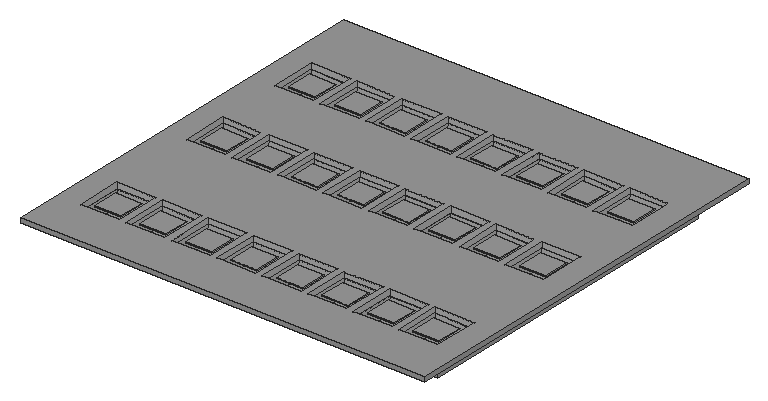
Revit family "2023873", category Lighting Fixtures, host Face, Revit 2018
Family settings
  Host = Face
  Round Connector Dimension = Use Diameter
  Part Type = Normal
  OmniClass Number = 23.80.70.00
  OmniClass Title = Lighting
  Cut with Voids When Loaded = No
  Light Source = Yes
  Shared = No
  Room Calculation Point = No
Parameters (values of type "2023873 OPTIX R 625 3L LUMI HCL TW ALU DA")
  Weight = "n/a"
  Wattage Comments = ""
  Wattage = 9.2903 W
  WarrantyStartDate [instance] = "n/a"
  WarrantyGuarantorParts = "n/a"
  WarrantyDurationUnit = "n/a"
  WarrantyDurationParts = ""
  WarrantyDescription = "http://www.sylvania-lighting.com"
  built-in parameter 1150110 = 1 (stored number, unit not read)
  Voltage = 0 V
  URL = "1"
  TypeName = "OPTIX RECESSED 625 3L LUMI HCL TW ALU DALI"
  Type Image = <None>
  Type Comments = "n/a"
  built-in parameter 1114217 = 1 (stored number, unit not read)
  Tilt Angle = -90.00°
  built-in parameter 1150109 = 1 (stored number, unit not read)
  built-in parameter 1150134 = 3
  built-in parameter 1150113 = 1 (stored number, unit not read)
  SerialNumber [instance] = "n/a"
  Photometric Web File = "2023873.ies"
  Material_3_SYL = none
  PowerFactor = 0
  PowerConsumption = "Lighting"
  NominalLength = 621 mm
  NominalHeight = 38 mm
  NominalDepth = 620 mm
  Name = "OPTIX RECESSED 625 3L LUMI HCL TW ALU DALI"
  ModelReference = Name  # "OPTIX RECESSED 625 3L LUMI HCL TW ALU DALI"
  ModelNumber = "2023873"
  Model = Name  # "OPTIX RECESSED 625 3L LUMI HCL TW ALU DALI"
  Material = "Feilo Sylvania"
  ManufacturerName = "95 lm/W"
  Manufacturer = ""
  LuminousEfficacy = ""
  built-in parameter 1150105 = 109.82 (stored number, unit not read)
  Lumens = 1380 lm
  LuminaireType = "0"
  built-in parameter 1150115 = 1 (stored number, unit not read)
  LightOutputRatio = "LED"
  built-in parameter 1150137 = (empty or 0)
  built-in parameter 1150139 = (empty or 0)
  LampsType = Lamp  # "n/a"
  LampNominalLuminous = "4000 K"
  LampMacAdamStep = "96"
  LampColourTemperature = "LED"
  LampColourRenderingIndex = "16500"
  built-in parameter 1150112 = 1 (stored number, unit not read)
  built-in parameter 1150114 = 1 (stored number, unit not read)
  Lamp = "n/a"
  Keynote = "n/a"
  InstallationDate [instance] = "n/a"
  InputVoltage = "0"
  InputNominalFrequency = "4000"
  built-in parameter 1150132 = (empty or 0)
  built-in parameter 1150102 = (empty or 0)
  built-in parameter 1150107 = 3200 (stored number, unit not read)
  built-in parameter 1150138 = (empty or 0)
  IngressProtection = "IfcLightFixtureType"
  ImpactProtectionIndex = "IfcLightFixtureType"
  built-in parameter 1150106 = 1.0982 (stored number, unit not read)
  IfcExportType = "IfcLightFixtureType"
  IfcExportAs = "Class I"
  Emit from Circle Diameter = 609.6 mm
  Emit Shape Visible in Rendering = no
  ElectricShockClassification = "95"
  built-in parameter 1150104 = 13.8 (stored number, unit not read)
  DocumentationLiterature = "http://www.sylvania-lighting.com/product/en-int/products/2023873"
  DimmingControlOptions = "n/a"
  Material_2_SYL = none
  Dimming Lamp Color Temperature Shift = <None>
  Description = "OPTIX RECESSED 625 3L LUMI HCL TW ALU DALI is a ceiling recessed luminaire for office and education applications with Aluminised plastic extra low glare optics and RAL9016 colour fixture body. DALI DT8 controlled tunable white light engine. 2700-6200K Tunable White LED, chromaticity tolerance of 3-step MacAdam ellipse. For 2700K - Colour rendering index Ra >98; Melanopic Ratio MEER: 0.528; Fidelity Index Rᶠ: 97; Gamut Index Rᶢ: 101. For 4000K - Colour rendering index Ra >96; Melanopic Ratio MEER: 0.822; Fidelity Index Rᶠ: 95; Gamut Index Rᶢ: 101. For 6200K - Colour rendering index Ra >99; Melanopic Ratio MEER: 1.077; Fidelity Index Rᶠ: 96; Gamut Index Rᶢ: 99. For 4000K luminous flux: 3500lm. Power consumption: 37W. Luminaire efficacy: 95lm/W. UGR<16 Luminance at 65°<200 Cd/m2, IK07, IP20. Photobiological safety risk group 0. Electrical protection Class I. Glow wire test 850°C. 68,000hrs L80B20 lifespan."
  Default Elevation = 1219.2 mm
  CreatedOn = "13/10/2022"
  CreatedBy = "@sylvania-lighting.com"
  Cost = 0
  Color Filter = 16777215
  built-in parameter 1114216 [instance] = (empty or 0)
  ClassificationValue = "EF_70_80"
  ClassificationName = "Uniclass2015"
  Material_1_SYL = none
  BarCode [instance] = "n/a"
  built-in parameter 1114218 = 1 (stored number, unit not read)
  built-in parameter 1150133 = 10 (stored number, unit not read)
  AssetType = "Fixed"
  AssetIdentifier [instance] = "n/a"
  Assembly Code = "D5020200"
  Apparent Load = 37 VA
  Material_4_SYL = none
Reference planes
  plane 1 "Center (Front/Back)": y = 0
  plane 2: z = 0
  plane 3 "Center (Left/Right)": x = 0
  plane 4: x = -310.5
  plane 5: x = 310.5
  plane 6: y = 310
  plane 7: y = -310
  plane 8: x = -281.5
  plane 9: x = 281.5
  plane 10: y = 250
  plane 11: y = -250
  plane 12: z = -32
  plane 13: z = 6
  plane 14: y = 204
  plane 15: y = -204
  plane 16: y = 134
  plane 17: y = -134
  plane 18: x = -280
  plane 19: x = 280
  plane 20: x = -275.2
  plane 21: x = -215.2
  plane 22: x = -205.4
  plane 23: x = -145.397
  plane 24: x = -135.597
  plane 25: x = -75.597
  plane 26: x = -65.797
  plane 27: x = -5.797
  plane 28: x = 4.003
  plane 29: x = 64.003
  plane 30: x = 73.803
  plane 31: x = 143.603
  plane 32: x = 133.803
  plane 33: x = 203.603
  plane 34: x = 213.403
  plane 35: x = 273.403
  plane 36: y = 149
  plane 37: y = 189
  plane 38: x = -225.2
  plane 39: x = -265.2
  plane 40: y = 169
  plane 41: y = 35
  plane 42: y = -35
  plane 43: x = -275.2
  plane 44: x = -215.2
  plane 45: x = -205.4
  plane 46: x = -145.397
  plane 47: x = -135.597
  plane 48: x = -75.597
  plane 49: x = -65.797
  plane 50: x = -5.797
  plane 51: x = 4.003
  plane 52: x = 64.003
  plane 53: x = 73.803
  plane 54: x = 143.603
  plane 55: x = 133.803
  plane 56: x = 203.603
  plane 57: x = 213.403
  plane 58: x = 273.403
  plane 59: y = -20
  plane 60: y = 20
  plane 61: x = -225.2
  plane 62: x = -265.2
  plane 63: y = 0
  plane 64: x = -275.2
  plane 65: x = -215.2
  plane 66: x = -205.4
  plane 67: x = -145.397
  plane 68: x = -135.597
  plane 69: x = -75.597
  plane 70: x = -65.797
  plane 71: x = -5.797
  plane 72: x = 4.003
  plane 73: x = 64.003
  plane 74: x = 73.803
  plane 75: x = 143.603
  plane 76: x = 133.803
  plane 77: x = 203.603
  plane 78: x = 213.403
  plane 79: x = 273.403
  plane 80: y = -224
  plane 81: y = -184
  plane 82: x = -225.2
  plane 83: x = -265.2
Forms (mm)
  Extrusion 1, solid, material "Aluminum", detail levels medium+fine
    sketch origin (0, 0, 0) x (1, 0, 0) y (0, 1, 0)
      loop
        line (-310.5, 310) -> (-310.5, -310) -> (310.5, -310) -> (310.5, 310) -> (-310.5, 310)
    from 0 to 6
  Extrusion 2, solid, material "Aluminum", detail levels medium+fine
    sketch origin (0, 0, 0) x (1, 0, 0) y (0, 1, 0)
      loop
        line (-281.5, 250) -> (-281.5, -250) -> (281.5, -250) -> (281.5, 250) -> (-281.5, 250)
    from 0 to -32
  Blend 3, void
    base sketch origin (0, 0, 0) x (1, 0, 0) y (0, 1, 0)
      loop
        line (-275.2, 204) -> (-275.2, 134) -> (-215.2, 134) -> (-215.2, 204) -> (-275.2, 204)
    top sketch origin (0, 0, 0) x (1, 0, 0) y (0, 1, 0)
      loop
        line (-265.2, 189) -> (-265.2, 149) -> (-225.2, 149) -> (-225.2, 189) -> (-265.2, 189)
    from 6 to -19
  Blend 4, void
    base sketch origin (69.8, 0, 0) x (1, 0, 0) y (0, 1, 0)
      loop
        line (-275.2, 204) -> (-275.2, 134) -> (-215.2, 134) -> (-215.2, 204) -> (-275.2, 204)
    top sketch origin (69.8, 0, 0) x (1, 0, 0) y (0, 1, 0)
      loop
        line (-265.2, 189) -> (-265.2, 149) -> (-225.2, 149) -> (-225.2, 189) -> (-265.2, 189)
    from 6 to -19
  Blend 5, void
    base sketch origin (139.603, 0, 0) x (1, 0, 0) y (0, 1, 0)
      loop
        line (-275.2, 204) -> (-275.2, 134) -> (-215.2, 134) -> (-215.2, 204) -> (-275.2, 204)
    top sketch origin (139.603, 0, 0) x (1, 0, 0) y (0, 1, 0)
      loop
        line (-265.2, 189) -> (-265.2, 149) -> (-225.2, 149) -> (-225.2, 189) -> (-265.2, 189)
    from 6 to -19
  Blend 6, void
    base sketch origin (209.403, 0, 0) x (1, 0, 0) y (0, 1, 0)
      loop
        line (-275.2, 204) -> (-275.2, 134) -> (-215.2, 134) -> (-215.2, 204) -> (-275.2, 204)
    top sketch origin (209.403, 0, 0) x (1, 0, 0) y (0, 1, 0)
      loop
        line (-265.2, 189) -> (-265.2, 149) -> (-225.2, 149) -> (-225.2, 189) -> (-265.2, 189)
    from 6 to -19
  Blend 7, void
    base sketch origin (279.203, 0, 0) x (1, 0, 0) y (0, 1, 0)
      loop
        line (-275.2, 204) -> (-275.2, 134) -> (-215.2, 134) -> (-215.2, 204) -> (-275.2, 204)
    top sketch origin (279.203, 0, 0) x (1, 0, 0) y (0, 1, 0)
      loop
        line (-265.2, 189) -> (-265.2, 149) -> (-225.2, 149) -> (-225.2, 189) -> (-265.2, 189)
    from 6 to -19
  Blend 8, void
    base sketch origin (349.003, 0, 0) x (1, 0, 0) y (0, 1, 0)
      loop
        line (-275.2, 204) -> (-275.2, 134) -> (-215.2, 134) -> (-215.2, 204) -> (-275.2, 204)
    top sketch origin (349.003, 0, 0) x (1, 0, 0) y (0, 1, 0)
      loop
        line (-265.2, 189) -> (-265.2, 149) -> (-225.2, 149) -> (-225.2, 189) -> (-265.2, 189)
    from 6 to -19
  Blend 9, void
    base sketch origin (418.803, 0, 0) x (1, 0, 0) y (0, 1, 0)
      loop
        line (-275.2, 204) -> (-275.2, 134) -> (-215.2, 134) -> (-215.2, 204) -> (-275.2, 204)
    top sketch origin (418.803, 0, 0) x (1, 0, 0) y (0, 1, 0)
      loop
        line (-265.2, 189) -> (-265.2, 149) -> (-225.2, 149) -> (-225.2, 189) -> (-265.2, 189)
    from 6 to -19
  Blend 10, void
    base sketch origin (488.603, 0, 0) x (1, 0, 0) y (0, 1, 0)
      loop
        line (-275.2, 204) -> (-275.2, 134) -> (-215.2, 134) -> (-215.2, 204) -> (-275.2, 204)
    top sketch origin (488.603, 0, 0) x (1, 0, 0) y (0, 1, 0)
      loop
        line (-265.2, 189) -> (-265.2, 149) -> (-225.2, 149) -> (-225.2, 189) -> (-265.2, 189)
    from 6 to -19
  Extrusion 11, solid, material "Glass, White, High Luminance", detail levels fine
    sketch origin (0, 0, 0) x (1, 0, 0) y (0, 1, 0)
      loop
        line (-265.2, 189) -> (-265.2, 149) -> (-225.2, 149) -> (-225.2, 189) -> (-265.2, 189)
    from 0 to 1
  Extrusion 12, solid, material "Glass, White, High Luminance", detail levels fine
    sketch origin (69.8, 0, 0) x (1, 0, 0) y (0, 1, 0)
      loop
        line (-265.2, 189) -> (-265.2, 149) -> (-225.2, 149) -> (-225.2, 189) -> (-265.2, 189)
    from 0 to 1
  Extrusion 13, solid, material "Glass, White, High Luminance", detail levels fine
    sketch origin (139.603, 0, 0) x (1, 0, 0) y (0, 1, 0)
      loop
        line (-265.2, 189) -> (-265.2, 149) -> (-225.2, 149) -> (-225.2, 189) -> (-265.2, 189)
    from 0 to 1
  Extrusion 14, solid, material "Glass, White, High Luminance", detail levels fine
    sketch origin (209.403, 0, 0) x (1, 0, 0) y (0, 1, 0)
      loop
        line (-265.2, 189) -> (-265.2, 149) -> (-225.2, 149) -> (-225.2, 189) -> (-265.2, 189)
    from 0 to 1
  Extrusion 15, solid, material "Glass, White, High Luminance", detail levels fine
    sketch origin (279.203, 0, 0) x (1, 0, 0) y (0, 1, 0)
      loop
        line (-265.2, 189) -> (-265.2, 149) -> (-225.2, 149) -> (-225.2, 189) -> (-265.2, 189)
    from 0 to 1
  Extrusion 16, solid, material "Glass, White, High Luminance", detail levels fine
    sketch origin (349.003, 0, 0) x (1, 0, 0) y (0, 1, 0)
      loop
        line (-265.2, 189) -> (-265.2, 149) -> (-225.2, 149) -> (-225.2, 189) -> (-265.2, 189)
    from 0 to 1
  Extrusion 17, solid, material "Glass, White, High Luminance", detail levels fine
    sketch origin (418.803, 0, 0) x (1, 0, 0) y (0, 1, 0)
      loop
        line (-265.2, 189) -> (-265.2, 149) -> (-225.2, 149) -> (-225.2, 189) -> (-265.2, 189)
    from 0 to 1
  Extrusion 18, solid, material "Glass, White, High Luminance", detail levels fine
    sketch origin (488.603, 0, 0) x (1, 0, 0) y (0, 1, 0)
      loop
        line (-265.2, 189) -> (-265.2, 149) -> (-225.2, 149) -> (-225.2, 189) -> (-265.2, 189)
    from 0 to 1
  Extrusion 19, solid, material "Glass, White, High Luminance", detail levels fine
    sketch origin (0, -169, 0) x (1, 0, 0) y (0, 1, 0)
      loop
        line (-265.2, 189) -> (-265.2, 149) -> (-225.2, 149) -> (-225.2, 189) -> (-265.2, 189)
    from 0 to 1
  Extrusion 20, solid, material "Glass, White, High Luminance", detail levels fine
    sketch origin (69.8, -169, 0) x (1, 0, 0) y (0, 1, 0)
      loop
        line (-265.2, 189) -> (-265.2, 149) -> (-225.2, 149) -> (-225.2, 189) -> (-265.2, 189)
    from 0 to 1
  Extrusion 21, solid, material "Glass, White, High Luminance", detail levels fine
    sketch origin (139.603, -169, 0) x (1, 0, 0) y (0, 1, 0)
      loop
        line (-265.2, 189) -> (-265.2, 149) -> (-225.2, 149) -> (-225.2, 189) -> (-265.2, 189)
    from 0 to 1
  Extrusion 22, solid, material "Glass, White, High Luminance", detail levels fine
    sketch origin (209.403, -169, 0) x (1, 0, 0) y (0, 1, 0)
      loop
        line (-265.2, 189) -> (-265.2, 149) -> (-225.2, 149) -> (-225.2, 189) -> (-265.2, 189)
    from 0 to 1
  Extrusion 23, solid, material "Glass, White, High Luminance", detail levels fine
    sketch origin (279.203, -169, 0) x (1, 0, 0) y (0, 1, 0)
      loop
        line (-265.2, 189) -> (-265.2, 149) -> (-225.2, 149) -> (-225.2, 189) -> (-265.2, 189)
    from 0 to 1
  Extrusion 24, solid, material "Glass, White, High Luminance", detail levels fine
    sketch origin (349.003, -169, 0) x (1, 0, 0) y (0, 1, 0)
      loop
        line (-265.2, 189) -> (-265.2, 149) -> (-225.2, 149) -> (-225.2, 189) -> (-265.2, 189)
    from 0 to 1
  Extrusion 25, solid, material "Glass, White, High Luminance", detail levels fine
    sketch origin (418.803, -169, 0) x (1, 0, 0) y (0, 1, 0)
      loop
        line (-265.2, 189) -> (-265.2, 149) -> (-225.2, 149) -> (-225.2, 189) -> (-265.2, 189)
    from 0 to 1
  Extrusion 26, solid, material "Glass, White, High Luminance", detail levels fine
    sketch origin (488.603, -169, 0) x (1, 0, 0) y (0, 1, 0)
      loop
        line (-265.2, 189) -> (-265.2, 149) -> (-225.2, 149) -> (-225.2, 189) -> (-265.2, 189)
    from 0 to 1
  Blend 27, void
    base sketch origin (0, -169, 0) x (1, 0, 0) y (0, 1, 0)
      loop
        line (-275.2, 204) -> (-275.2, 134) -> (-215.2, 134) -> (-215.2, 204) -> (-275.2, 204)
    top sketch origin (0, -169, 0) x (1, 0, 0) y (0, 1, 0)
      loop
        line (-265.2, 189) -> (-265.2, 149) -> (-225.2, 149) -> (-225.2, 189) -> (-265.2, 189)
    from 6 to -19
  Blend 28, void
    base sketch origin (69.8, -169, 0) x (1, 0, 0) y (0, 1, 0)
      loop
        line (-275.2, 204) -> (-275.2, 134) -> (-215.2, 134) -> (-215.2, 204) -> (-275.2, 204)
    top sketch origin (69.8, -169, 0) x (1, 0, 0) y (0, 1, 0)
      loop
        line (-265.2, 189) -> (-265.2, 149) -> (-225.2, 149) -> (-225.2, 189) -> (-265.2, 189)
    from 6 to -19
  Blend 29, void
    base sketch origin (139.603, -169, 0) x (1, 0, 0) y (0, 1, 0)
      loop
        line (-275.2, 204) -> (-275.2, 134) -> (-215.2, 134) -> (-215.2, 204) -> (-275.2, 204)
    top sketch origin (139.603, -169, 0) x (1, 0, 0) y (0, 1, 0)
      loop
        line (-265.2, 189) -> (-265.2, 149) -> (-225.2, 149) -> (-225.2, 189) -> (-265.2, 189)
    from 6 to -19
  Blend 30, void
    base sketch origin (209.403, -169, 0) x (1, 0, 0) y (0, 1, 0)
      loop
        line (-275.2, 204) -> (-275.2, 134) -> (-215.2, 134) -> (-215.2, 204) -> (-275.2, 204)
    top sketch origin (209.403, -169, 0) x (1, 0, 0) y (0, 1, 0)
      loop
        line (-265.2, 189) -> (-265.2, 149) -> (-225.2, 149) -> (-225.2, 189) -> (-265.2, 189)
    from 6 to -19
  Blend 31, void
    base sketch origin (279.203, -169, 0) x (1, 0, 0) y (0, 1, 0)
      loop
        line (-275.2, 204) -> (-275.2, 134) -> (-215.2, 134) -> (-215.2, 204) -> (-275.2, 204)
    top sketch origin (279.203, -169, 0) x (1, 0, 0) y (0, 1, 0)
      loop
        line (-265.2, 189) -> (-265.2, 149) -> (-225.2, 149) -> (-225.2, 189) -> (-265.2, 189)
    from 6 to -19
  Blend 32, void
    base sketch origin (349.003, -169, 0) x (1, 0, 0) y (0, 1, 0)
      loop
        line (-275.2, 204) -> (-275.2, 134) -> (-215.2, 134) -> (-215.2, 204) -> (-275.2, 204)
    top sketch origin (349.003, -169, 0) x (1, 0, 0) y (0, 1, 0)
      loop
        line (-265.2, 189) -> (-265.2, 149) -> (-225.2, 149) -> (-225.2, 189) -> (-265.2, 189)
    from 6 to -19
  Blend 33, void
    base sketch origin (418.803, -169, 0) x (1, 0, 0) y (0, 1, 0)
      loop
        line (-275.2, 204) -> (-275.2, 134) -> (-215.2, 134) -> (-215.2, 204) -> (-275.2, 204)
    top sketch origin (418.803, -169, 0) x (1, 0, 0) y (0, 1, 0)
      loop
        line (-265.2, 189) -> (-265.2, 149) -> (-225.2, 149) -> (-225.2, 189) -> (-265.2, 189)
    from 6 to -19
  Blend 34, void
    base sketch origin (488.603, -169, 0) x (1, 0, 0) y (0, 1, 0)
      loop
        line (-275.2, 204) -> (-275.2, 134) -> (-215.2, 134) -> (-215.2, 204) -> (-275.2, 204)
    top sketch origin (488.603, -169, 0) x (1, 0, 0) y (0, 1, 0)
      loop
        line (-265.2, 189) -> (-265.2, 149) -> (-225.2, 149) -> (-225.2, 189) -> (-265.2, 189)
    from 6 to -19
  Extrusion 35, solid, material "Glass, White, High Luminance", detail levels fine
    sketch origin (0, -373, 0) x (1, 0, 0) y (0, 1, 0)
      loop
        line (-265.2, 189) -> (-265.2, 149) -> (-225.2, 149) -> (-225.2, 189) -> (-265.2, 189)
    from 0 to 1
  Extrusion 36, solid, material "Glass, White, High Luminance", detail levels fine
    sketch origin (69.8, -373, 0) x (1, 0, 0) y (0, 1, 0)
      loop
        line (-265.2, 189) -> (-265.2, 149) -> (-225.2, 149) -> (-225.2, 189) -> (-265.2, 189)
    from 0 to 1
  Extrusion 37, solid, material "Glass, White, High Luminance", detail levels fine
    sketch origin (139.603, -373, 0) x (1, 0, 0) y (0, 1, 0)
      loop
        line (-265.2, 189) -> (-265.2, 149) -> (-225.2, 149) -> (-225.2, 189) -> (-265.2, 189)
    from 0 to 1
  Extrusion 38, solid, material "Glass, White, High Luminance", detail levels fine
    sketch origin (209.403, -373, 0) x (1, 0, 0) y (0, 1, 0)
      loop
        line (-265.2, 189) -> (-265.2, 149) -> (-225.2, 149) -> (-225.2, 189) -> (-265.2, 189)
    from 0 to 1
  Extrusion 39, solid, material "Glass, White, High Luminance", detail levels fine
    sketch origin (279.203, -373, 0) x (1, 0, 0) y (0, 1, 0)
      loop
        line (-265.2, 189) -> (-265.2, 149) -> (-225.2, 149) -> (-225.2, 189) -> (-265.2, 189)
    from 0 to 1
  Extrusion 40, solid, material "Glass, White, High Luminance", detail levels fine
    sketch origin (349.003, -373, 0) x (1, 0, 0) y (0, 1, 0)
      loop
        line (-265.2, 189) -> (-265.2, 149) -> (-225.2, 149) -> (-225.2, 189) -> (-265.2, 189)
    from 0 to 1
  Extrusion 41, solid, material "Glass, White, High Luminance", detail levels fine
    sketch origin (418.803, -373, 0) x (1, 0, 0) y (0, 1, 0)
      loop
        line (-265.2, 189) -> (-265.2, 149) -> (-225.2, 149) -> (-225.2, 189) -> (-265.2, 189)
    from 0 to 1
  Extrusion 42, solid, material "Glass, White, High Luminance", detail levels fine
    sketch origin (488.603, -373, 0) x (1, 0, 0) y (0, 1, 0)
      loop
        line (-265.2, 189) -> (-265.2, 149) -> (-225.2, 149) -> (-225.2, 189) -> (-265.2, 189)
    from 0 to 1
  Blend 43, void
    base sketch origin (0, -373, 0) x (1, 0, 0) y (0, 1, 0)
      loop
        line (-275.2, 204) -> (-275.2, 134) -> (-215.2, 134) -> (-215.2, 204) -> (-275.2, 204)
    top sketch origin (0, -373, 0) x (1, 0, 0) y (0, 1, 0)
      loop
        line (-265.2, 189) -> (-265.2, 149) -> (-225.2, 149) -> (-225.2, 189) -> (-265.2, 189)
    from 6 to -19
  Blend 44, void
    base sketch origin (69.8, -373, 0) x (1, 0, 0) y (0, 1, 0)
      loop
        line (-275.2, 204) -> (-275.2, 134) -> (-215.2, 134) -> (-215.2, 204) -> (-275.2, 204)
    top sketch origin (69.8, -373, 0) x (1, 0, 0) y (0, 1, 0)
      loop
        line (-265.2, 189) -> (-265.2, 149) -> (-225.2, 149) -> (-225.2, 189) -> (-265.2, 189)
    from 6 to -19
  Blend 45, void
    base sketch origin (139.603, -373, 0) x (1, 0, 0) y (0, 1, 0)
      loop
        line (-275.2, 204) -> (-275.2, 134) -> (-215.2, 134) -> (-215.2, 204) -> (-275.2, 204)
    top sketch origin (139.603, -373, 0) x (1, 0, 0) y (0, 1, 0)
      loop
        line (-265.2, 189) -> (-265.2, 149) -> (-225.2, 149) -> (-225.2, 189) -> (-265.2, 189)
    from 6 to -19
  Blend 46, void
    base sketch origin (209.403, -373, 0) x (1, 0, 0) y (0, 1, 0)
      loop
        line (-275.2, 204) -> (-275.2, 134) -> (-215.2, 134) -> (-215.2, 204) -> (-275.2, 204)
    top sketch origin (209.403, -373, 0) x (1, 0, 0) y (0, 1, 0)
      loop
        line (-265.2, 189) -> (-265.2, 149) -> (-225.2, 149) -> (-225.2, 189) -> (-265.2, 189)
    from 6 to -19
  Blend 47, void
    base sketch origin (279.203, -373, 0) x (1, 0, 0) y (0, 1, 0)
      loop
        line (-275.2, 204) -> (-275.2, 134) -> (-215.2, 134) -> (-215.2, 204) -> (-275.2, 204)
    top sketch origin (279.203, -373, 0) x (1, 0, 0) y (0, 1, 0)
      loop
        line (-265.2, 189) -> (-265.2, 149) -> (-225.2, 149) -> (-225.2, 189) -> (-265.2, 189)
    from 6 to -19
  Blend 48, void
    base sketch origin (349.003, -373, 0) x (1, 0, 0) y (0, 1, 0)
      loop
        line (-275.2, 204) -> (-275.2, 134) -> (-215.2, 134) -> (-215.2, 204) -> (-275.2, 204)
    top sketch origin (349.003, -373, 0) x (1, 0, 0) y (0, 1, 0)
      loop
        line (-265.2, 189) -> (-265.2, 149) -> (-225.2, 149) -> (-225.2, 189) -> (-265.2, 189)
    from 6 to -19
  Blend 49, void
    base sketch origin (418.803, -373, 0) x (1, 0, 0) y (0, 1, 0)
      loop
        line (-275.2, 204) -> (-275.2, 134) -> (-215.2, 134) -> (-215.2, 204) -> (-275.2, 204)
    top sketch origin (418.803, -373, 0) x (1, 0, 0) y (0, 1, 0)
      loop
        line (-265.2, 189) -> (-265.2, 149) -> (-225.2, 149) -> (-225.2, 189) -> (-265.2, 189)
    from 6 to -19
  Blend 50, void
    base sketch origin (488.603, -373, 0) x (1, 0, 0) y (0, 1, 0)
      loop
        line (-275.2, 204) -> (-275.2, 134) -> (-215.2, 134) -> (-215.2, 204) -> (-275.2, 204)
    top sketch origin (488.603, -373, 0) x (1, 0, 0) y (0, 1, 0)
      loop
        line (-265.2, 189) -> (-265.2, 149) -> (-225.2, 149) -> (-225.2, 189) -> (-265.2, 189)
    from 6 to -19
  Extrusion 51, solid, detail levels coarse
    sketch origin (0, 0, 0) x (1, 0, 0) y (0, 0, 1)
      loop
        line (-310.5, 6) -> (-310.5, -32) -> (310, -32) -> (310, 6) -> (-310.5, 6)
    from -310 to 310
Cuts and joins
  Blend 3, Blend 4, Blend 5, Blend 6, Blend 7, Blend 8, Blend 9, Blend 10, Blend 27, Blend 28, Blend 29, Blend 30, Blend 31, Blend 32, Blend 33, Blend 34, Blend 43, Blend 44, Blend 45, Blend 46, Blend 47, Blend 48, Blend 49, Blend 50 cuts Extrusion 1
  Blend 3, Blend 4, Blend 5, Blend 6, Blend 7, Blend 8, Blend 9, Blend 10, Blend 27, Blend 28, Blend 29, Blend 30, Blend 31, Blend 32, Blend 33, Blend 34, Blend 43, Blend 44, Blend 45, Blend 46, Blend 47, Blend 48, Blend 49, Blend 50 cuts Extrusion 2
  Blend 27 cuts Extrusion 11
  Blend 28 cuts Extrusion 12
  Blend 29 cuts Extrusion 13
  Blend 30 cuts Extrusion 14
  Blend 31 cuts Extrusion 15
  Blend 32 cuts Extrusion 16
  Blend 33 cuts Extrusion 17
  Blend 34 cuts Extrusion 18
  Blend 43 cuts Extrusion 19
  Blend 44 cuts Extrusion 20
  Blend 45 cuts Extrusion 21
  Blend 46 cuts Extrusion 22
  Blend 47 cuts Extrusion 23
  Blend 48 cuts Extrusion 24
  Blend 49 cuts Extrusion 25
  Blend 50 cuts Extrusion 26
Dimensions and locks
  "NominalLength": plane 4 to plane 5
  equal spacing: plane 4, plane 3 "Center (Left/Right)", plane 5
  "NominalDepth": plane 6 to plane 7
  equal spacing: plane 6, plane 1 "Center (Front/Back)", plane 7
  plane 12 to plane 2 = 32 mm
  plane 13 to plane 2 = 6 mm
  "NominalHeight": plane 12 to plane 13
  aligned and locked: plane 2 to host face
  aligned and locked: level to host face
Automatic sketch dimensions
  host sketch curve to host sketch curve = 2438.4 mm  (x2)
  Extrusion 1 sketch curve to plane 4 = 0 mm
  Extrusion 1 sketch curve to plane 5 = 0 mm
  Extrusion 1 sketch curve to plane 7 = 0 mm
  Extrusion 1 sketch curve to plane 6 = 0 mm
  Extrusion 2 sketch curve to plane 8 = 0 mm
  Extrusion 2 sketch curve to plane 9 = 0 mm
  Extrusion 2 sketch curve to plane 11 = 0 mm
  Extrusion 2 sketch curve to plane 10 = 0 mm
  Blend 3 sketch curve to plane 16 = 0 mm
  Blend 3 sketch curve to plane 20 = 0 mm
  Blend 3 sketch curve to plane 21 = 0 mm
  Blend 3 sketch curve to plane 14 = 0 mm
  Blend 3 sketch curve to plane 36 = 0 mm
  Blend 3 sketch curve to plane 39 = 0 mm
  Blend 3 sketch curve to plane 38 = 0 mm
  Blend 3 sketch curve to plane 37 = 0 mm
  Blend 4 sketch curve to plane 16 = 0 mm
  Blend 4 sketch curve to plane 22 = 0 mm
  Blend 4 sketch curve to plane 14 = 0 mm
  Blend 4 sketch curve to plane 23 = 0.003 mm
  Blend 4 sketch curve to plane 36 = 0 mm
  Blend 4 sketch curve to plane 37 = 0 mm
  plane 22 to Blend 4 sketch curve = 10 mm
  Blend 4 sketch curve to plane 23 = 10.003 mm
  Blend 5 sketch curve to plane 16 = 0 mm
  Blend 5 sketch curve to plane 24 = 0 mm
  Blend 5 sketch curve to plane 25 = 0 mm
  Blend 5 sketch curve to plane 14 = 0 mm
  plane 36 to Blend 5 sketch curve = 0 mm
  plane 37 to Blend 5 sketch curve = 0 mm
  plane 24 to Blend 5 sketch curve = 10 mm
  Blend 5 sketch curve to plane 25 = 10 mm
  Blend 6 sketch curve to plane 16 = 0 mm
  Blend 6 sketch curve to plane 26 = 0 mm
  Blend 6 sketch curve to plane 27 = 0 mm
  Blend 6 sketch curve to plane 14 = 0 mm
  plane 36 to Blend 6 sketch curve = 0 mm
  plane 37 to Blend 6 sketch curve = 0 mm
  plane 26 to Blend 6 sketch curve = 10 mm
  Blend 6 sketch curve to plane 27 = 10 mm
  Blend 7 sketch curve to plane 16 = 0 mm
  Blend 7 sketch curve to plane 28 = 0 mm
  Blend 7 sketch curve to plane 29 = 0 mm
  Blend 7 sketch curve to plane 14 = 0 mm
  plane 36 to Blend 7 sketch curve = 0 mm
  plane 37 to Blend 7 sketch curve = 0 mm
  plane 28 to Blend 7 sketch curve = 10 mm
  Blend 7 sketch curve to plane 29 = 10 mm
  Blend 8 sketch curve to plane 16 = 0 mm
  Blend 8 sketch curve to plane 30 = 0 mm
  Blend 8 sketch curve to plane 32 = 0 mm
  Blend 8 sketch curve to plane 14 = 0 mm
  plane 36 to Blend 8 sketch curve = 0 mm
  plane 37 to Blend 8 sketch curve = 0 mm
  plane 30 to Blend 8 sketch curve = 10 mm
  Blend 8 sketch curve to plane 32 = 10 mm
  Blend 9 sketch curve to plane 16 = 0 mm
  Blend 9 sketch curve to plane 31 = 0 mm
  Blend 9 sketch curve to plane 33 = 0 mm
  Blend 9 sketch curve to plane 14 = 0 mm
  plane 36 to Blend 9 sketch curve = 0 mm
  plane 37 to Blend 9 sketch curve = 0 mm
  plane 31 to Blend 9 sketch curve = 10 mm
  Blend 9 sketch curve to plane 33 = 10 mm
  Blend 10 sketch curve to plane 16 = 0 mm
  Blend 10 sketch curve to plane 34 = 0 mm
  Blend 10 sketch curve to plane 35 = 0 mm
  Blend 10 sketch curve to plane 14 = 0 mm
  plane 36 to Blend 10 sketch curve = 0 mm
  plane 37 to Blend 10 sketch curve = 0 mm
  plane 34 to Blend 10 sketch curve = 10 mm
  Blend 10 sketch curve to plane 35 = 10 mm
  Extrusion 11 sketch curve to plane 36 = 0 mm
  Extrusion 11 sketch curve to plane 39 = 0 mm
  Extrusion 11 sketch curve to plane 38 = 0 mm
  Extrusion 11 sketch curve to plane 37 = 0 mm
  Extrusion 12 sketch curve to plane 36 = 0 mm
  Extrusion 12 sketch curve to plane 37 = 0 mm
  plane 22 to Extrusion 12 sketch curve = 10 mm
  Extrusion 12 sketch curve to plane 23 = 10.003 mm
  plane 36 to Extrusion 13 sketch curve = 0 mm
  plane 37 to Extrusion 13 sketch curve = 0 mm
  plane 24 to Extrusion 13 sketch curve = 10 mm
  Extrusion 13 sketch curve to plane 25 = 10 mm
  plane 36 to Extrusion 14 sketch curve = 0 mm
  plane 37 to Extrusion 14 sketch curve = 0 mm
  plane 26 to Extrusion 14 sketch curve = 10 mm
  Extrusion 14 sketch curve to plane 27 = 10 mm
  plane 36 to Extrusion 15 sketch curve = 0 mm
  plane 37 to Extrusion 15 sketch curve = 0 mm
  plane 28 to Extrusion 15 sketch curve = 10 mm
  Extrusion 15 sketch curve to plane 29 = 10 mm
  plane 36 to Extrusion 16 sketch curve = 0 mm
  plane 37 to Extrusion 16 sketch curve = 0 mm
  plane 30 to Extrusion 16 sketch curve = 10 mm
  Extrusion 16 sketch curve to plane 32 = 10 mm
  plane 36 to Extrusion 17 sketch curve = 0 mm
  plane 37 to Extrusion 17 sketch curve = 0 mm
  plane 31 to Extrusion 17 sketch curve = 10 mm
  Extrusion 17 sketch curve to plane 33 = 10 mm
  plane 36 to Extrusion 18 sketch curve = 0 mm
  plane 37 to Extrusion 18 sketch curve = 0 mm
  plane 34 to Extrusion 18 sketch curve = 10 mm
  Extrusion 18 sketch curve to plane 35 = 10 mm
  Extrusion 19 sketch curve to plane 39 = 0 mm
  Extrusion 19 sketch curve to plane 38 = 0 mm
  Extrusion 19 sketch curve to plane 59 = 0 mm
  Extrusion 19 sketch curve to plane 60 = 0 mm
  Extrusion 20 sketch curve to plane 59 = 0 mm
  Extrusion 20 sketch curve to plane 60 = 0 mm
  plane 22 to Extrusion 20 sketch curve = 10 mm
  Extrusion 20 sketch curve to plane 23 = 10.003 mm
  plane 59 to Extrusion 21 sketch curve = 0 mm
  plane 60 to Extrusion 21 sketch curve = 0 mm
  plane 24 to Extrusion 21 sketch curve = 10 mm
  Extrusion 21 sketch curve to plane 25 = 10 mm
  plane 59 to Extrusion 22 sketch curve = 0 mm
  plane 60 to Extrusion 22 sketch curve = 0 mm
  plane 26 to Extrusion 22 sketch curve = 10 mm
  Extrusion 22 sketch curve to plane 27 = 10 mm
  plane 59 to Extrusion 23 sketch curve = 0 mm
  plane 60 to Extrusion 23 sketch curve = 0 mm
  plane 28 to Extrusion 23 sketch curve = 10 mm
  Extrusion 23 sketch curve to plane 29 = 10 mm
  plane 59 to Extrusion 24 sketch curve = 0 mm
  plane 60 to Extrusion 24 sketch curve = 0 mm
  plane 30 to Extrusion 24 sketch curve = 10 mm
  Extrusion 24 sketch curve to plane 32 = 10 mm
  plane 59 to Extrusion 25 sketch curve = 0 mm
  plane 60 to Extrusion 25 sketch curve = 0 mm
  plane 31 to Extrusion 25 sketch curve = 10 mm
  Extrusion 25 sketch curve to plane 33 = 10 mm
  plane 59 to Extrusion 26 sketch curve = 0 mm
  plane 60 to Extrusion 26 sketch curve = 0 mm
  plane 34 to Extrusion 26 sketch curve = 10 mm
  Extrusion 26 sketch curve to plane 35 = 10 mm
  Blend 27 sketch curve to plane 20 = 0 mm
  Blend 27 sketch curve to plane 21 = 0 mm
  Blend 27 sketch curve to plane 42 = 0 mm
  Blend 27 sketch curve to plane 41 = 0 mm
  Blend 27 sketch curve to plane 39 = 0 mm
  Blend 27 sketch curve to plane 38 = 0 mm
  Blend 27 sketch curve to plane 59 = 0 mm
  Blend 27 sketch curve to plane 60 = 0 mm
  Blend 28 sketch curve to plane 22 = 0 mm
  Blend 28 sketch curve to plane 42 = 0 mm
  Blend 28 sketch curve to plane 41 = 0 mm
  Blend 28 sketch curve to plane 23 = 0.003 mm
  Blend 28 sketch curve to plane 59 = 0 mm
  Blend 28 sketch curve to plane 60 = 0 mm
  plane 22 to Blend 28 sketch curve = 10 mm
  Blend 28 sketch curve to plane 23 = 10.003 mm
  Blend 29 sketch curve to plane 24 = 0 mm
  Blend 29 sketch curve to plane 25 = 0 mm
  Blend 29 sketch curve to plane 42 = 0 mm
  Blend 29 sketch curve to plane 41 = 0 mm
  plane 59 to Blend 29 sketch curve = 0 mm
  plane 60 to Blend 29 sketch curve = 0 mm
  plane 24 to Blend 29 sketch curve = 10 mm
  Blend 29 sketch curve to plane 25 = 10 mm
  Blend 30 sketch curve to plane 26 = 0 mm
  Blend 30 sketch curve to plane 27 = 0 mm
  Blend 30 sketch curve to plane 42 = 0 mm
  Blend 30 sketch curve to plane 41 = 0 mm
  plane 59 to Blend 30 sketch curve = 0 mm
  plane 60 to Blend 30 sketch curve = 0 mm
  plane 26 to Blend 30 sketch curve = 10 mm
  Blend 30 sketch curve to plane 27 = 10 mm
  Blend 31 sketch curve to plane 28 = 0 mm
  Blend 31 sketch curve to plane 29 = 0 mm
  Blend 31 sketch curve to plane 42 = 0 mm
  Blend 31 sketch curve to plane 41 = 0 mm
  plane 59 to Blend 31 sketch curve = 0 mm
  plane 60 to Blend 31 sketch curve = 0 mm
  plane 28 to Blend 31 sketch curve = 10 mm
  Blend 31 sketch curve to plane 29 = 10 mm
  Blend 32 sketch curve to plane 30 = 0 mm
  Blend 32 sketch curve to plane 32 = 0 mm
  Blend 32 sketch curve to plane 42 = 0 mm
  Blend 32 sketch curve to plane 41 = 0 mm
  plane 59 to Blend 32 sketch curve = 0 mm
  plane 60 to Blend 32 sketch curve = 0 mm
  plane 30 to Blend 32 sketch curve = 10 mm
  Blend 32 sketch curve to plane 32 = 10 mm
  Blend 33 sketch curve to plane 31 = 0 mm
  Blend 33 sketch curve to plane 33 = 0 mm
  Blend 33 sketch curve to plane 42 = 0 mm
  Blend 33 sketch curve to plane 41 = 0 mm
  plane 59 to Blend 33 sketch curve = 0 mm
  plane 60 to Blend 33 sketch curve = 0 mm
  plane 31 to Blend 33 sketch curve = 10 mm
  Blend 33 sketch curve to plane 33 = 10 mm
  Blend 34 sketch curve to plane 34 = 0 mm
  Blend 34 sketch curve to plane 35 = 0 mm
  Blend 34 sketch curve to plane 42 = 0 mm
  Blend 34 sketch curve to plane 41 = 0 mm
  plane 59 to Blend 34 sketch curve = 0 mm
  plane 60 to Blend 34 sketch curve = 0 mm
  plane 34 to Blend 34 sketch curve = 10 mm
  Blend 34 sketch curve to plane 35 = 10 mm
  Extrusion 35 sketch curve to plane 39 = 0 mm
  Extrusion 35 sketch curve to plane 38 = 0 mm
  Extrusion 35 sketch curve to plane 80 = 0 mm
  Extrusion 35 sketch curve to plane 81 = 0 mm
  Extrusion 36 sketch curve to plane 80 = 0 mm
  Extrusion 36 sketch curve to plane 81 = 0 mm
  plane 22 to Extrusion 36 sketch curve = 10 mm
  Extrusion 36 sketch curve to plane 23 = 10.003 mm
  plane 80 to Extrusion 37 sketch curve = 0 mm
  plane 81 to Extrusion 37 sketch curve = 0 mm
  plane 24 to Extrusion 37 sketch curve = 10 mm
  Extrusion 37 sketch curve to plane 25 = 10 mm
  plane 80 to Extrusion 38 sketch curve = 0 mm
  plane 81 to Extrusion 38 sketch curve = 0 mm
  plane 26 to Extrusion 38 sketch curve = 10 mm
  Extrusion 38 sketch curve to plane 27 = 10 mm
  plane 80 to Extrusion 39 sketch curve = 0 mm
  plane 81 to Extrusion 39 sketch curve = 0 mm
  plane 28 to Extrusion 39 sketch curve = 10 mm
  Extrusion 39 sketch curve to plane 29 = 10 mm
  plane 80 to Extrusion 40 sketch curve = 0 mm
  plane 81 to Extrusion 40 sketch curve = 0 mm
  plane 30 to Extrusion 40 sketch curve = 10 mm
  Extrusion 40 sketch curve to plane 32 = 10 mm
  plane 80 to Extrusion 41 sketch curve = 0 mm
  plane 81 to Extrusion 41 sketch curve = 0 mm
  plane 31 to Extrusion 41 sketch curve = 10 mm
  Extrusion 41 sketch curve to plane 33 = 10 mm
  plane 80 to Extrusion 42 sketch curve = 0 mm
  plane 81 to Extrusion 42 sketch curve = 0 mm
  plane 34 to Extrusion 42 sketch curve = 10 mm
  Extrusion 42 sketch curve to plane 35 = 10 mm
  Blend 43 sketch curve to plane 20 = 0 mm
  Blend 43 sketch curve to plane 21 = 0 mm
  plane 11 to Blend 43 sketch curve = 11 mm
  plane 81 to Blend 43 sketch curve = 15 mm
  Blend 43 sketch curve to plane 39 = 0 mm
  Blend 43 sketch curve to plane 38 = 0 mm
  Blend 43 sketch curve to plane 80 = 0 mm
  Blend 43 sketch curve to plane 81 = 0 mm
  Blend 44 sketch curve to plane 22 = 0 mm
  Blend 44 sketch curve to plane 23 = 0.003 mm
  plane 11 to Blend 44 sketch curve = 11 mm
  plane 81 to Blend 44 sketch curve = 15 mm
  Blend 44 sketch curve to plane 80 = 0 mm
  Blend 44 sketch curve to plane 81 = 0 mm
  plane 22 to Blend 44 sketch curve = 10 mm
  Blend 44 sketch curve to plane 23 = 10.003 mm
  Blend 45 sketch curve to plane 24 = 0 mm
  Blend 45 sketch curve to plane 25 = 0 mm
  plane 11 to Blend 45 sketch curve = 11 mm
  plane 81 to Blend 45 sketch curve = 15 mm
  plane 80 to Blend 45 sketch curve = 0 mm
  plane 81 to Blend 45 sketch curve = 0 mm
  plane 24 to Blend 45 sketch curve = 10 mm
  Blend 45 sketch curve to plane 25 = 10 mm
  Blend 46 sketch curve to plane 26 = 0 mm
  Blend 46 sketch curve to plane 27 = 0 mm
  plane 11 to Blend 46 sketch curve = 11 mm
  plane 81 to Blend 46 sketch curve = 15 mm
  plane 80 to Blend 46 sketch curve = 0 mm
  plane 81 to Blend 46 sketch curve = 0 mm
  plane 26 to Blend 46 sketch curve = 10 mm
  Blend 46 sketch curve to plane 27 = 10 mm
  Blend 47 sketch curve to plane 28 = 0 mm
  Blend 47 sketch curve to plane 29 = 0 mm
  plane 11 to Blend 47 sketch curve = 11 mm
  plane 81 to Blend 47 sketch curve = 15 mm
  plane 80 to Blend 47 sketch curve = 0 mm
  plane 81 to Blend 47 sketch curve = 0 mm
  plane 28 to Blend 47 sketch curve = 10 mm
  Blend 47 sketch curve to plane 29 = 10 mm
  Blend 48 sketch curve to plane 30 = 0 mm
  Blend 48 sketch curve to plane 32 = 0 mm
  plane 11 to Blend 48 sketch curve = 11 mm
  plane 81 to Blend 48 sketch curve = 15 mm
  plane 80 to Blend 48 sketch curve = 0 mm
  plane 81 to Blend 48 sketch curve = 0 mm
  plane 30 to Blend 48 sketch curve = 10 mm
  Blend 48 sketch curve to plane 32 = 10 mm
  Blend 49 sketch curve to plane 31 = 0 mm
  Blend 49 sketch curve to plane 33 = 0 mm
  plane 11 to Blend 49 sketch curve = 11 mm
  plane 81 to Blend 49 sketch curve = 15 mm
  plane 80 to Blend 49 sketch curve = 0 mm
  plane 81 to Blend 49 sketch curve = 0 mm
  plane 31 to Blend 49 sketch curve = 10 mm
  Blend 49 sketch curve to plane 33 = 10 mm
  Blend 50 sketch curve to plane 34 = 0 mm
  Blend 50 sketch curve to plane 35 = 0 mm
  plane 11 to Blend 50 sketch curve = 11 mm
  plane 81 to Blend 50 sketch curve = 15 mm
  plane 80 to Blend 50 sketch curve = 0 mm
  plane 81 to Blend 50 sketch curve = 0 mm
  plane 34 to Blend 50 sketch curve = 10 mm
  Blend 50 sketch curve to plane 35 = 10 mm
  Extrusion 51 sketch curve to plane 4 = 0 mm
  plane 9 to Extrusion 51 sketch curve = 28.5 mm
  Extrusion 51 sketch curve to plane 12 = 0 mm
  plane 13 to Extrusion 51 sketch curve = 0 mm
Connectors
  electrical at (0, 0, 0), driven by "Apparent Load", driven by "PowerFactor", driven by "Voltage"
    settings: index 1, voltage 0 V, apparent load 37 VA, apparent load phase1 0 VA, apparent load phase2 0 VA, apparent load phase3 0 VA, power factor 0, load classification "Lighting", number of poles 1, system type 30, power factor state 1, is connector primary yes, connector utility no, sub classification motor no, connector description ""
